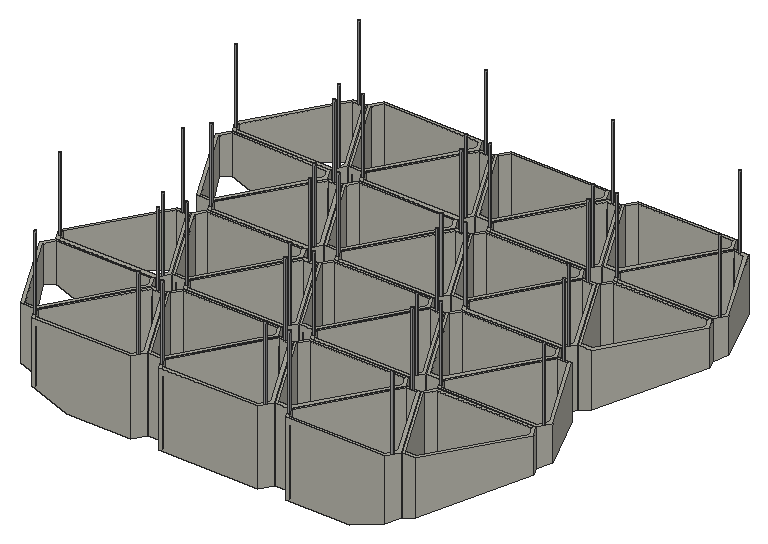
Revit family "Connected Clouds 004", category Generic Models, Revit 2021
Family settings
  Can host rebar = No
  Round Connector Dimension = Use Diameter
  Part Type = Normal
  Work Plane-Based = No
  Always vertical = Yes
  Cut with Voids When Loaded = No
  Shared = No
  Room Calculation Point = No
Parameters
  URL = "https://www.csiposhfelt.com/products/connect-clouds-004"
  Model = "Connect Clouds 004"
  Manufacturer = "CSI PoshFelt"
  Default Elevation = 0' - 0"
  Core Material = PSH 178
  Cable Length = 1' - 0"
Reference planes (in)
  plane 1 "Center (Front/Back)": y = 0
  plane 2: z = 0
  plane 3 "Center (Left/Right)": x = 0
Forms (in)
  Extrusion 1, solid, material "PSH 178" <- "Core Material"
    sketch origin (0, 0, 0) x (1, 0, 0) y (0, 1, 0)
      loop
        line (9.16544, 33.75) -> (8.01073, 35.75) -> (-8.01073, 35.75) -> (-9.16544, 33.75) -> (-1.1547, 19.875) -> (1.1547, 19.875) -> (9.16544, 33.75)
      loop
        line (-7.72206, 35.25) -> (-8.58809, 33.75) -> (-0.86603, 20.375) -> (0.86603, 20.375) -> (8.58809, 33.75) -> (7.72206, 35.25) -> (-7.72206, 35.25)
    from 0 to 12
  Extrusion 2, solid, material "PSH 178" <- "Core Material"
    sketch origin (20.64027, 0, 0) x (1, 0, 0) y (0, 1, 0)
      loop
        line (9.16544, 33.75) -> (8.01073, 35.75) -> (-8.01073, 35.75) -> (-9.16544, 33.75) -> (-1.1547, 19.875) -> (1.1547, 19.875) -> (9.16544, 33.75)
      loop
        line (-7.72206, 35.25) -> (-8.58809, 33.75) -> (-0.86603, 20.375) -> (0.86603, 20.375) -> (8.58809, 33.75) -> (7.72206, 35.25) -> (-7.72206, 35.25)
    from 0 to 12
  Extrusion 3, solid, material "PSH 178" <- "Core Material"
    sketch origin (-20.64027, 0, 0) x (1, 0, 0) y (0, 1, 0)
      loop
        line (9.16544, 33.75) -> (8.01073, 35.75) -> (-8.01073, 35.75) -> (-9.16544, 33.75) -> (-1.1547, 19.875) -> (1.1547, 19.875) -> (9.16544, 33.75)
      loop
        line (-7.72206, 35.25) -> (-8.58809, 33.75) -> (-0.86603, 20.375) -> (0.86603, 20.375) -> (8.58809, 33.75) -> (7.72206, 35.25) -> (-7.72206, 35.25)
    from 0 to 12
  Extrusion 4, solid, material "PSH 178" <- "Core Material"
    sketch origin (0, 35.75, 0) x (1, 0, 0) y (0, 1, 0)
      loop
        line (9.16544, -33.75) -> (1.1547, -19.875) -> (-1.1547, -19.875) -> (-9.16544, -33.75) -> (-8.01073, -35.75) -> (8.01073, -35.75) -> (9.16544, -33.75)
      loop
        line (-7.72206, -35.25) -> (7.72206, -35.25) -> (8.58809, -33.75) -> (0.86603, -20.375) -> (-0.86603, -20.375) -> (-8.58809, -33.75) -> (-7.72206, -35.25)
    from 0 to 12
  Extrusion 5, solid, material "PSH 178" <- "Core Material"
    sketch origin (20.64027, 35.75, 0) x (1, 0, 0) y (0, 1, 0)
      loop
        line (9.16544, -33.75) -> (1.1547, -19.875) -> (-1.1547, -19.875) -> (-9.16544, -33.75) -> (-8.01073, -35.75) -> (8.01073, -35.75) -> (9.16544, -33.75)
      loop
        line (-7.72206, -35.25) -> (7.72206, -35.25) -> (8.58809, -33.75) -> (0.86603, -20.375) -> (-0.86603, -20.375) -> (-8.58809, -33.75) -> (-7.72206, -35.25)
    from 0 to 12
  Extrusion 6, solid, material "PSH 178" <- "Core Material"
    sketch origin (-20.64027, 35.75, 0) x (1, 0, 0) y (0, 1, 0)
      loop
        line (9.16544, -33.75) -> (1.1547, -19.875) -> (-1.1547, -19.875) -> (-9.16544, -33.75) -> (-8.01073, -35.75) -> (8.01073, -35.75) -> (9.16544, -33.75)
      loop
        line (-7.72206, -35.25) -> (7.72206, -35.25) -> (8.58809, -33.75) -> (0.86603, -20.375) -> (-0.86603, -20.375) -> (-8.58809, -33.75) -> (-7.72206, -35.25)
    from 0 to 12
  Extrusion 7, solid, material "PSH 178" <- "Core Material"
    sketch origin (0, -35.75, 0) x (1, 0, 0) y (0, 1, 0)
      loop
        line (9.16544, 33.75) -> (8.01073, 35.75) -> (-8.01073, 35.75) -> (-9.16544, 33.75) -> (-1.1547, 19.875) -> (1.1547, 19.875) -> (9.16544, 33.75)
      loop
        line (-7.72206, 35.25) -> (-8.58809, 33.75) -> (-0.86603, 20.375) -> (0.86603, 20.375) -> (8.58809, 33.75) -> (7.72206, 35.25) -> (-7.72206, 35.25)
    from 0 to 12
  Extrusion 8, solid, material "PSH 178" <- "Core Material"
    sketch origin (20.64027, -35.75, 0) x (1, 0, 0) y (0, 1, 0)
      loop
        line (9.16544, 33.75) -> (8.01073, 35.75) -> (-8.01073, 35.75) -> (-9.16544, 33.75) -> (-1.1547, 19.875) -> (1.1547, 19.875) -> (9.16544, 33.75)
      loop
        line (-7.72206, 35.25) -> (-8.58809, 33.75) -> (-0.86603, 20.375) -> (0.86603, 20.375) -> (8.58809, 33.75) -> (7.72206, 35.25) -> (-7.72206, 35.25)
    from 0 to 12
  Extrusion 9, solid, material "PSH 178" <- "Core Material"
    sketch origin (-20.64027, -35.75, 0) x (1, 0, 0) y (0, 1, 0)
      loop
        line (9.16544, 33.75) -> (8.01073, 35.75) -> (-8.01073, 35.75) -> (-9.16544, 33.75) -> (-1.1547, 19.875) -> (1.1547, 19.875) -> (9.16544, 33.75)
      loop
        line (-7.72206, 35.25) -> (-8.58809, 33.75) -> (-0.86603, 20.375) -> (0.86603, 20.375) -> (8.58809, 33.75) -> (7.72206, 35.25) -> (-7.72206, 35.25)
    from 0 to 12
  Extrusion 10, solid, material "PSH 178" <- "Core Material"
    sketch origin (0, 0, 0) x (1, 0, 0) y (0, 1, 0)
      loop
        line (9.16544, -33.75) -> (1.1547, -19.875) -> (-1.1547, -19.875) -> (-9.16544, -33.75) -> (-8.01073, -35.75) -> (8.01073, -35.75) -> (9.16544, -33.75)
      loop
        line (-7.72206, -35.25) -> (7.72206, -35.25) -> (8.58809, -33.75) -> (0.86603, -20.375) -> (-0.86603, -20.375) -> (-8.58809, -33.75) -> (-7.72206, -35.25)
    from 0 to 12
  Extrusion 11, solid, material "PSH 178" <- "Core Material"
    sketch origin (20.64027, 0, 0) x (1, 0, 0) y (0, 1, 0)
      loop
        line (9.16544, -33.75) -> (1.1547, -19.875) -> (-1.1547, -19.875) -> (-9.16544, -33.75) -> (-8.01073, -35.75) -> (8.01073, -35.75) -> (9.16544, -33.75)
      loop
        line (-7.72206, -35.25) -> (7.72206, -35.25) -> (8.58809, -33.75) -> (0.86603, -20.375) -> (-0.86603, -20.375) -> (-8.58809, -33.75) -> (-7.72206, -35.25)
    from 0 to 12
  Extrusion 12, solid, material "PSH 178" <- "Core Material"
    sketch origin (-20.64027, 0, 0) x (1, 0, 0) y (0, 1, 0)
      loop
        line (9.16544, -33.75) -> (1.1547, -19.875) -> (-1.1547, -19.875) -> (-9.16544, -33.75) -> (-8.01073, -35.75) -> (8.01073, -35.75) -> (9.16544, -33.75)
      loop
        line (-7.72206, -35.25) -> (7.72206, -35.25) -> (8.58809, -33.75) -> (0.86603, -20.375) -> (-0.86603, -20.375) -> (-8.58809, -33.75) -> (-7.72206, -35.25)
    from 0 to 12
  Extrusion 13, solid, material "PSH 178" <- "Core Material"
    sketch origin (30.96041, 53.625, 0) x (1, 0, 0) y (0, 1, 0)
      loop
        line (9.16544, -33.75) -> (1.1547, -19.875) -> (-1.1547, -19.875) -> (-9.16544, -33.75) -> (-8.01073, -35.75) -> (8.01073, -35.75) -> (9.16544, -33.75)
      loop
        line (-7.72206, -35.25) -> (7.72206, -35.25) -> (8.58809, -33.75) -> (0.86603, -20.375) -> (-0.86603, -20.375) -> (-8.58809, -33.75) -> (-7.72206, -35.25)
    from 0 to 12
  Extrusion 14, solid, material "PSH 178" <- "Core Material"
    sketch origin (30.96041, 17.875, 0) x (1, 0, 0) y (0, 1, 0)
      loop
        line (9.16544, -33.75) -> (1.1547, -19.875) -> (-1.1547, -19.875) -> (-9.16544, -33.75) -> (-8.01073, -35.75) -> (8.01073, -35.75) -> (9.16544, -33.75)
      loop
        line (-7.72206, -35.25) -> (7.72206, -35.25) -> (8.58809, -33.75) -> (0.86603, -20.375) -> (-0.86603, -20.375) -> (-8.58809, -33.75) -> (-7.72206, -35.25)
    from 0 to 12
  Extrusion 15, solid, material "PSH 178" <- "Core Material"
    sketch origin (-30.96041, 53.625, 0) x (1, 0, 0) y (0, 1, 0)
      loop
        line (9.16544, -33.75) -> (1.1547, -19.875) -> (-1.1547, -19.875) -> (-9.16544, -33.75) -> (-8.01073, -35.75) -> (8.01073, -35.75) -> (9.16544, -33.75)
      loop
        line (-7.72206, -35.25) -> (7.72206, -35.25) -> (8.58809, -33.75) -> (0.86603, -20.375) -> (-0.86603, -20.375) -> (-8.58809, -33.75) -> (-7.72206, -35.25)
    from 0 to 12
  Extrusion 16, solid, material "PSH 178" <- "Core Material"
    sketch origin (-30.96041, 17.875, 0) x (1, 0, 0) y (0, 1, 0)
      loop
        line (9.16544, -33.75) -> (1.1547, -19.875) -> (-1.1547, -19.875) -> (-9.16544, -33.75) -> (-8.01073, -35.75) -> (8.01073, -35.75) -> (9.16544, -33.75)
      loop
        line (-7.72206, -35.25) -> (7.72206, -35.25) -> (8.58809, -33.75) -> (0.86603, -20.375) -> (-0.86603, -20.375) -> (-8.58809, -33.75) -> (-7.72206, -35.25)
    from 0 to 12
  Extrusion 17, solid, material "PSH 178" <- "Core Material"
    sketch origin (-10.32014, 53.625, 0) x (1, 0, 0) y (0, 1, 0)
      loop
        line (9.16544, -33.75) -> (1.1547, -19.875) -> (-1.1547, -19.875) -> (-9.16544, -33.75) -> (-8.01073, -35.75) -> (8.01073, -35.75) -> (9.16544, -33.75)
      loop
        line (-7.72206, -35.25) -> (7.72206, -35.25) -> (8.58809, -33.75) -> (0.86603, -20.375) -> (-0.86603, -20.375) -> (-8.58809, -33.75) -> (-7.72206, -35.25)
    from 0 to 12
  Extrusion 18, solid, material "PSH 178" <- "Core Material"
    sketch origin (10.32014, 53.625, 0) x (1, 0, 0) y (0, 1, 0)
      loop
        line (9.16544, -33.75) -> (1.1547, -19.875) -> (-1.1547, -19.875) -> (-9.16544, -33.75) -> (-8.01073, -35.75) -> (8.01073, -35.75) -> (9.16544, -33.75)
      loop
        line (-7.72206, -35.25) -> (7.72206, -35.25) -> (8.58809, -33.75) -> (0.86603, -20.375) -> (-0.86603, -20.375) -> (-8.58809, -33.75) -> (-7.72206, -35.25)
    from 0 to 12
  Extrusion 19, solid, material "PSH 178" <- "Core Material"
    sketch origin (10.32014, 17.875, 0) x (1, 0, 0) y (0, 1, 0)
      loop
        line (9.16544, -33.75) -> (1.1547, -19.875) -> (-1.1547, -19.875) -> (-9.16544, -33.75) -> (-8.01073, -35.75) -> (8.01073, -35.75) -> (9.16544, -33.75)
      loop
        line (-7.72206, -35.25) -> (7.72206, -35.25) -> (8.58809, -33.75) -> (0.86603, -20.375) -> (-0.86603, -20.375) -> (-8.58809, -33.75) -> (-7.72206, -35.25)
    from 0 to 12
  Extrusion 20, solid, material "PSH 178" <- "Core Material"
    sketch origin (-10.32014, 17.875, 0) x (1, 0, 0) y (0, 1, 0)
      loop
        line (9.16544, -33.75) -> (1.1547, -19.875) -> (-1.1547, -19.875) -> (-9.16544, -33.75) -> (-8.01073, -35.75) -> (8.01073, -35.75) -> (9.16544, -33.75)
      loop
        line (-7.72206, -35.25) -> (7.72206, -35.25) -> (8.58809, -33.75) -> (0.86603, -20.375) -> (-0.86603, -20.375) -> (-8.58809, -33.75) -> (-7.72206, -35.25)
    from 0 to 12
  Extrusion 21, solid, material "PSH 178" <- "Core Material"
    sketch origin (10.32014, -17.875, 0) x (1, 0, 0) y (0, 1, 0)
      loop
        line (9.16544, 33.75) -> (8.01073, 35.75) -> (-8.01073, 35.75) -> (-9.16544, 33.75) -> (-1.1547, 19.875) -> (1.1547, 19.875) -> (9.16544, 33.75)
      loop
        line (-7.72206, 35.25) -> (-8.58809, 33.75) -> (-0.86603, 20.375) -> (0.86603, 20.375) -> (8.58809, 33.75) -> (7.72206, 35.25) -> (-7.72206, 35.25)
    from 0 to 12
  Extrusion 22, solid, material "PSH 178" <- "Core Material"
    sketch origin (-10.32014, -17.875, 0) x (1, 0, 0) y (0, 1, 0)
      loop
        line (9.16544, 33.75) -> (8.01073, 35.75) -> (-8.01073, 35.75) -> (-9.16544, 33.75) -> (-1.1547, 19.875) -> (1.1547, 19.875) -> (9.16544, 33.75)
      loop
        line (-7.72206, 35.25) -> (-8.58809, 33.75) -> (-0.86603, 20.375) -> (0.86603, 20.375) -> (8.58809, 33.75) -> (7.72206, 35.25) -> (-7.72206, 35.25)
    from 0 to 12
  Extrusion 23, solid, material "PSH 178" <- "Core Material"
    sketch origin (-10.32014, -53.625, 0) x (1, 0, 0) y (0, 1, 0)
      loop
        line (9.16544, 33.75) -> (8.01073, 35.75) -> (-8.01073, 35.75) -> (-9.16544, 33.75) -> (-1.1547, 19.875) -> (1.1547, 19.875) -> (9.16544, 33.75)
      loop
        line (-7.72206, 35.25) -> (-8.58809, 33.75) -> (-0.86603, 20.375) -> (0.86603, 20.375) -> (8.58809, 33.75) -> (7.72206, 35.25) -> (-7.72206, 35.25)
    from 0 to 12
  Extrusion 24, solid, material "PSH 178" <- "Core Material"
    sketch origin (10.32014, -53.625, 0) x (1, 0, 0) y (0, 1, 0)
      loop
        line (9.16544, 33.75) -> (8.01073, 35.75) -> (-8.01073, 35.75) -> (-9.16544, 33.75) -> (-1.1547, 19.875) -> (1.1547, 19.875) -> (9.16544, 33.75)
      loop
        line (-7.72206, 35.25) -> (-8.58809, 33.75) -> (-0.86603, 20.375) -> (0.86603, 20.375) -> (8.58809, 33.75) -> (7.72206, 35.25) -> (-7.72206, 35.25)
    from 0 to 12
  Extrusion 25, solid, material "PSH 178" <- "Core Material"
    sketch origin (30.96041, -17.875, 0) x (1, 0, 0) y (0, 1, 0)
      loop
        line (9.16544, 33.75) -> (8.01073, 35.75) -> (-8.01073, 35.75) -> (-9.16544, 33.75) -> (-1.1547, 19.875) -> (1.1547, 19.875) -> (9.16544, 33.75)
      loop
        line (-7.72206, 35.25) -> (-8.58809, 33.75) -> (-0.86603, 20.375) -> (0.86603, 20.375) -> (8.58809, 33.75) -> (7.72206, 35.25) -> (-7.72206, 35.25)
    from 0 to 12
  Extrusion 26, solid, material "PSH 178" <- "Core Material"
    sketch origin (30.96041, -53.625, 0) x (1, 0, 0) y (0, 1, 0)
      loop
        line (9.16544, 33.75) -> (8.01073, 35.75) -> (-8.01073, 35.75) -> (-9.16544, 33.75) -> (-1.1547, 19.875) -> (1.1547, 19.875) -> (9.16544, 33.75)
      loop
        line (-7.72206, 35.25) -> (-8.58809, 33.75) -> (-0.86603, 20.375) -> (0.86603, 20.375) -> (8.58809, 33.75) -> (7.72206, 35.25) -> (-7.72206, 35.25)
    from 0 to 12
  Extrusion 27, solid, material "PSH 178" <- "Core Material"
    sketch origin (-30.96041, -17.875, 0) x (1, 0, 0) y (0, 1, 0)
      loop
        line (9.16544, 33.75) -> (8.01073, 35.75) -> (-8.01073, 35.75) -> (-9.16544, 33.75) -> (-1.1547, 19.875) -> (1.1547, 19.875) -> (9.16544, 33.75)
      loop
        line (-7.72206, 35.25) -> (-8.58809, 33.75) -> (-0.86603, 20.375) -> (0.86603, 20.375) -> (8.58809, 33.75) -> (7.72206, 35.25) -> (-7.72206, 35.25)
    from 0 to 12
  Extrusion 28, solid, material "PSH 178" <- "Core Material"
    sketch origin (-30.96041, -53.625, 0) x (1, 0, 0) y (0, 1, 0)
      loop
        line (9.16544, 33.75) -> (8.01073, 35.75) -> (-8.01073, 35.75) -> (-9.16544, 33.75) -> (-1.1547, 19.875) -> (1.1547, 19.875) -> (9.16544, 33.75)
      loop
        line (-7.72206, 35.25) -> (-8.58809, 33.75) -> (-0.86603, 20.375) -> (0.86603, 20.375) -> (8.58809, 33.75) -> (7.72206, 35.25) -> (-7.72206, 35.25)
    from 0 to 12
  SweptBlend 29, void
    path in 3D
      loop
        line (-22.94967, -17.875, 0) -> (-43.33378, -17.875, 7.41921)
    profile origin (-22.94967, -17.875, 0) x (-0.34202, 0, -0.939693) y (0, -1, 0)
      loop
        line (0, -17.875) -> (4, -17.875) -> (4, 18) -> (0, 18) -> (0, -17.875)
    end profile origin (-43.33378, -17.875, 7.41921) x (-0.34202, 0, -0.939693) y (0, -1, 0)
      loop
        line (0, 18.5) -> (0, -17.875) -> (6.75, -17.875) -> (6.75, 18.5) -> (0, 18.5)
  SweptBlend 30, void
    path in 3D
      loop
        line (-22.94967, 17.875, 0) -> (-43.33378, 17.875, 7.41921)
    profile origin (-22.94967, 17.875, 0) x (-0.34202, 0, -0.939693) y (0, -1, 0)
      loop
        line (0, -17.875) -> (4, -17.875) -> (4, 18) -> (0, 18) -> (0, -17.875)
    end profile origin (-43.33378, 17.875, 7.41921) x (-0.34202, 0, -0.939693) y (0, -1, 0)
      loop
        line (0, 18.5) -> (0, -17.875) -> (6.75, -17.875) -> (6.75, 18.5) -> (0, 18.5)
  SweptBlend 31, void
    path in 3D
      loop
        line (22.94967, -17.875, 0) -> (43.33378, -17.875, 7.41921)
    profile origin (22.94967, -17.875, 0) x (-0.34202, 0, 0.939693) y (0, -1, 0)
      loop
        line (0, -17.875) -> (0, 18) -> (-4, 18) -> (-4, -17.875) -> (0, -17.875)
    end profile origin (43.33378, -17.875, 7.41921) x (-0.34202, 0, 0.939693) y (0, -1, 0)
      loop
        line (0, 18.5) -> (-6.75, 18.5) -> (-6.75, -17.875) -> (0, -17.875) -> (0, 18.5)
  SweptBlend 32, void
    path in 3D
      loop
        line (22.94967, 17.875, 0) -> (43.33378, 17.875, 7.41921)
    profile origin (22.94967, 17.875, 0) x (-0.34202, 0, 0.939693) y (0, -1, 0)
      loop
        line (0, -17.875) -> (0, 18) -> (-4, 18) -> (-4, -17.875) -> (0, -17.875)
    end profile origin (43.33378, 17.875, 7.41921) x (-0.34202, 0, 0.939693) y (0, -1, 0)
      loop
        line (0, 18.5) -> (-6.75, 18.5) -> (-6.75, -17.875) -> (0, -17.875) -> (0, 18.5)
  Extrusion 33, solid, material "Cable"
    sketch origin (20.64027, -35.75, 12) x (1, 0, 0) y (0, 1, 0)
      loop
        circle (18.69171, 54.75) r 0.14985
      loop
        circle (1.94856, 54.75) r 0.14985
      loop
        circle (10.32014, 69.25) r 0.14985
      loop
        circle (-1.94856, 54.75) r 0.14985
      loop
        circle (-18.69171, 54.75) r 0.14985
      loop
        circle (-10.32014, 69.25) r 0.14985
      loop
        circle (-22.58883, 54.75) r 0.14985
      loop
        circle (-39.33199, 54.75) r 0.14985
      loop
        circle (-30.96041, 69.25) r 0.14985
      loop
        circle (-43.2291, 54.75) r 0.14985
      loop
        circle (-59.97226, 54.75) r 0.14985
      loop
        circle (-51.60068, 69.25) r 0.14985
      loop
        circle (-43.2291, 19) r 0.14985
      loop
        circle (-59.97226, 19) r 0.14985
      loop
        circle (-51.60068, 33.5) r 0.14985
      loop
        circle (-22.58883, 19) r 0.14985
      loop
        circle (-39.33199, 19) r 0.14985
      loop
        circle (-30.96041, 33.5) r 0.14985
      loop
        circle (-1.94856, 19) r 0.14985
      loop
        circle (-18.69171, 19) r 0.14985
      loop
        circle (-10.32014, 33.5) r 0.14985
      loop
        circle (18.69171, 19) r 0.14985
      loop
        circle (1.94856, 19) r 0.14985
      loop
        circle (10.32014, 33.5) r 0.14985
      loop
        circle (8.37158, 1.125) r 0.14985
      loop
        circle (-8.37158, 1.125) r 0.14985
      loop
        circle (0, 15.625) r 0.14985
      loop
        circle (-12.26869, 1.125) r 0.14985
      loop
        circle (-29.01185, 1.125) r 0.14985
      loop
        circle (-20.64027, 15.625) r 0.14985
      loop
        circle (-32.90897, 1.125) r 0.14985
      loop
        circle (-49.65212, 1.125) r 0.14985
      loop
        circle (-41.28054, 15.625) r 0.14985
      loop
        circle (8.37158, 36.875) r 0.14985
      loop
        circle (-8.37158, 36.875) r 0.14985
      loop
        circle (0, 51.375) r 0.14985
      loop
        circle (-12.26869, 36.875) r 0.14985
      loop
        circle (-29.01185, 36.875) r 0.14985
      loop
        circle (-20.64027, 51.375) r 0.14985
      loop
        circle (-32.90897, 36.875) r 0.14985
      loop
        circle (-49.65212, 36.875) r 0.14985
      loop
        circle (-41.28054, 51.375) r 0.14985
    from 0 to 12
Cuts and joins
  SweptBlend 29, SweptBlend 30, SweptBlend 31, SweptBlend 32 cuts Extrusion 9
  SweptBlend 29, SweptBlend 30, SweptBlend 31 cuts Extrusion 12
  SweptBlend 29, SweptBlend 30, SweptBlend 31 cuts Extrusion 16
  SweptBlend 29, SweptBlend 30, SweptBlend 31 cuts Extrusion 28
  SweptBlend 30, SweptBlend 32 cuts Extrusion 6
  SweptBlend 30, SweptBlend 32 cuts Extrusion 27
  SweptBlend 30, SweptBlend 32 cuts Extrusion 15
  SweptBlend 30, SweptBlend 32 cuts Extrusion 3
  SweptBlend 31 cuts Extrusion 26
  SweptBlend 31 cuts Extrusion 11
  SweptBlend 31 cuts Extrusion 14
  SweptBlend 31 cuts Extrusion 8
  SweptBlend 32 cuts Extrusion 25
  SweptBlend 32 cuts Extrusion 5
  SweptBlend 32 cuts Extrusion 13
  SweptBlend 32 cuts Extrusion 2
Lines and regions (in)
  reference lines
    curve 1: line (0, -35.75, 0) -> (40, -35.75, 0)
    curve 2: line (0, -35.75, 0) -> (-40, -35.75, 0)
    curve 3: line (-40, -35.75, 0) -> (-40, 35.75, 0)
    curve 4: line (-40, 35.75, 0) -> (40, 35.75, 0)
    curve 5: line (40, 35.75, 0) -> (40, -35.75, 0)
    curve 6: line (40, 17.875, 0) -> (-40, 17.875, 0)
    curve 7: line (40, -17.875, 0) -> (-40, -17.875, 0)
    curve 8: line (10.32014, 0, 0) -> (20.64027, 17.875, 0)
    curve 9: line (20.64027, 17.875, 0) -> (10.32014, 35.75, 0)
    curve 10: line (10.32014, 35.75, 0) -> (-10.32014, 35.75, 0)
    curve 11: line (-10.32014, 35.75, 0) -> (-20.64027, 17.875, 0)
    curve 12: line (-20.64027, 17.875, 0) -> (-10.32014, 0, 0)
    curve 13: line (-10.32014, 0, 0) -> (10.32014, 0, 0)
    curve 14: line (10.32014, 35.75, 0) -> (-10.32014, 0, 0)
    curve 15: line (-10.32014, 35.75, 0) -> (10.32014, 0, 0)
    curve 16: line (1.1547, 15.875, 0) -> (2.3094, 17.875, 0)
    curve 17: line (2.3094, 17.875, 0) -> (1.1547, 19.875, 0)
    curve 18: line (1.1547, 19.875, 0) -> (-1.1547, 19.875, 0)
    curve 19: line (-1.1547, 19.875, 0) -> (-2.3094, 17.875, 0)
    curve 20: line (-2.3094, 17.875, 0) -> (-1.1547, 15.875, 0)
    curve 21: line (-1.1547, 15.875, 0) -> (1.1547, 15.875, 0)
    curve 22: line (11.47484, 33.75, 0) -> (12.62954, 35.75, 0)
    curve 23: line (12.62954, 35.75, 0) -> (11.47484, 37.75, 0)
    curve 24: line (11.47484, 37.75, 0) -> (9.16544, 37.75, 0)
    curve 25: line (9.16544, 37.75, 0) -> (8.01073, 35.75, 0)
    curve 26: line (8.01073, 35.75, 0) -> (9.16544, 33.75, 0)
    curve 27: line (9.16544, 33.75, 0) -> (11.47484, 33.75, 0)
    curve 28: line (-9.16544, 33.75, 0) -> (-8.01073, 35.75, 0)
    curve 29: line (-8.01073, 35.75, 0) -> (-9.16544, 37.75, 0)
    curve 30: line (-9.16544, 37.75, 0) -> (-11.47484, 37.75, 0)
    curve 31: line (-11.47484, 37.75, 0) -> (-12.62954, 35.75, 0)
    curve 32: line (-12.62954, 35.75, 0) -> (-11.47484, 33.75, 0)
    curve 33: line (-11.47484, 33.75, 0) -> (-9.16544, 33.75, 0)
    curve 34: line (21.79497, 15.875, 0) -> (22.94967, 17.875, 0)
    curve 35: line (22.94967, 17.875, 0) -> (21.79497, 19.875, 0)
    curve 36: line (21.79497, 19.875, 0) -> (19.48557, 19.875, 0)
    curve 37: line (19.48557, 19.875, 0) -> (18.33087, 17.875, 0)
    curve 38: line (18.33087, 17.875, 0) -> (19.48557, 15.875, 0)
    curve 39: line (19.48557, 15.875, 0) -> (21.79497, 15.875, 0)
    curve 40: line (-19.48557, 15.875, 0) -> (-18.33087, 17.875, 0)
    curve 41: line (-18.33087, 17.875, 0) -> (-19.48557, 19.875, 0)
    curve 42: line (-19.48557, 19.875, 0) -> (-21.79497, 19.875, 0)
    curve 43: line (-21.79497, 19.875, 0) -> (-22.94967, 17.875, 0)
    curve 44: line (-22.94967, 17.875, 0) -> (-21.79497, 15.875, 0)
    curve 45: line (-21.79497, 15.875, 0) -> (-19.48557, 15.875, 0)
    curve 46: line (-9.16544, -2, 0) -> (-8.01073, 0, 0)
    curve 47: line (-8.01073, 0, 0) -> (-9.16544, 2, 0)
    curve 48: line (-9.16544, 2, 0) -> (-11.47484, 2, 0)
    curve 49: line (-11.47484, 2, 0) -> (-12.62954, 0, 0)
    curve 50: line (-12.62954, 0, 0) -> (-11.47484, -2, 0)
    curve 51: line (-11.47484, -2, 0) -> (-9.16544, -2, 0)
    curve 52: line (11.47484, -2, 0) -> (12.62954, 0, 0)
    curve 53: line (12.62954, 0, 0) -> (11.47484, 2, 0)
    curve 54: line (11.47484, 2, 0) -> (9.16544, 2, 0)
    curve 55: line (9.16544, 2, 0) -> (8.01073, 0, 0)
    curve 56: line (8.01073, 0, 0) -> (9.16544, -2, 0)
    curve 57: line (9.16544, -2, 0) -> (11.47484, -2, 0)
    curve 58: line (1.1547, -19.875, 0) -> (2.3094, -17.875, 0)
    curve 59: line (2.3094, -17.875, 0) -> (1.1547, -15.875, 0)
    curve 60: line (1.1547, -15.875, 0) -> (-1.1547, -15.875, 0)
    curve 61: line (-1.1547, -15.875, 0) -> (-2.3094, -17.875, 0)
    curve 62: line (-2.3094, -17.875, 0) -> (-1.1547, -19.875, 0)
    curve 63: line (-1.1547, -19.875, 0) -> (1.1547, -19.875, 0)
    curve 64: line (21.79497, -19.875, 0) -> (22.94967, -17.875, 0)
    curve 65: line (22.94967, -17.875, 0) -> (21.79497, -15.875, 0)
    curve 66: line (21.79497, -15.875, 0) -> (19.48557, -15.875, 0)
    curve 67: line (19.48557, -15.875, 0) -> (18.33087, -17.875, 0)
    curve 68: line (18.33087, -17.875, 0) -> (19.48557, -19.875, 0)
    curve 69: line (19.48557, -19.875, 0) -> (21.79497, -19.875, 0)
    curve 70: line (-19.48557, -19.875, 0) -> (-18.33087, -17.875, 0)
    curve 71: line (-18.33087, -17.875, 0) -> (-19.48557, -15.875, 0)
    curve 72: line (-19.48557, -15.875, 0) -> (-21.79497, -15.875, 0)
    curve 73: line (-21.79497, -15.875, 0) -> (-22.94967, -17.875, 0)
    curve 74: line (-22.94967, -17.875, 0) -> (-21.79497, -19.875, 0)
    curve 75: line (-21.79497, -19.875, 0) -> (-19.48557, -19.875, 0)
    curve 81: line (-60.12584, 0, 24) -> (62.87416, 0, 24)
    curve 82: line (-60.12584, 0, 12) -> (62.87416, 0, 12)
  model lines
    curve 76: line (-22.94967, -17.875, 0) -> (-38.97114, -17.875, 5.83134)
  sketch lines
    curve 77: line (-22.94967, -17.875, 0) -> (-43.33378, -17.875, 7.41921)
    curve 78: line (-22.94967, 17.875, 0) -> (-43.33378, 17.875, 7.41921)
    curve 79: line (22.94967, -17.875, 0) -> (43.33378, -17.875, 7.41921)
    curve 80: line (22.94967, 17.875, 0) -> (43.33378, 17.875, 7.41921)
Dimensions and locks (in)
  curve 2 to curve 4 = 5' - 11 1/2"
  curve 3 to curve 5 = 6' - 8"
  "Cable Length": curve 81 to curve 82
  aligned and locked: plane 2 to level
  aligned and locked: Extrusion 33 to curve 81
  aligned and locked: curve 82 to Extrusion 33
Automatic sketch dimensions
  plane 1 "Center (Front/Back)" to curve 50 = 0' - 0"
  plane 1 "Center (Front/Back)" to curve 12 = 0' - 0"
  plane 1 "Center (Front/Back)" to curve 47 = 0' - 0"
  curve 2 to plane 3 "Center (Left/Right)" = 0' - 0"
  plane 1 "Center (Front/Back)" to curve 55 = 0' - 0"
  plane 1 "Center (Front/Back)" to curve 53 = 0' - 0"
  curve 62 to plane 3 "Center (Left/Right)" = 0' - 1.1547"
  curve 60 to plane 3 "Center (Left/Right)" = 0' - 1.1547"
  curve 18 to plane 3 "Center (Left/Right)" = 0' - 1.1547"
  curve 20 to plane 3 "Center (Left/Right)" = 0' - 1.1547"
  curve 19 to plane 3 "Center (Left/Right)" = 0' - 2.3094"
  curve 62 to plane 3 "Center (Left/Right)" = 0' - 2.3094"
  curve 29 to plane 3 "Center (Left/Right)" = 0' - 8.01073"
  curve 46 to plane 3 "Center (Left/Right)" = 0' - 8.01073"
  curve 33 to curve 28 = 0' - 1.1547"
  curve 29 to curve 28 = 0' - 1.1547"
  curve 47 to plane 1 "Center (Front/Back)" = 0' - 2"
  curve 47 to curve 46 = 0' - 1.1547"
  plane 1 "Center (Front/Back)" to curve 46 = 0' - 2"
  curve 46 to curve 46 = 0' - 1.1547"
  curve 13 to curve 47 = 0' - 1.1547"
  curve 15 to curve 28 = 0' - 2.3094"
  curve 50 to curve 46 = 0' - 2.3094"
  curve 32 to curve 28 = 0' - 2.3094"
  curve 49 to curve 12 = 0' - 1.1547"
  curve 30 to curve 29 = 0' - 2.3094"
  curve 32 to curve 10 = 0' - 2.3094"
  curve 49 to curve 48 = 0' - 1.1547"
  curve 71 to curve 61 = 1' - 4.02147"
  curve 40 to curve 19 = 1' - 4.02147"
  curve 40 to curve 40 = 0' - 1.1547"
  curve 70 to curve 70 = 0' - 1.1547"
  curve 41 to curve 40 = 0' - 1.1547"
  curve 72 to curve 70 = 0' - 1.1547"
  curve 12 to curve 41 = 0' - 1.1547"
  curve 42 to curve 11 = 0' - 1.1547"
  curve 74 to curve 70 = 0' - 2.3094"
  curve 73 to curve 71 = 0' - 2.3094"
  curve 45 to curve 40 = 0' - 2.3094"
  curve 43 to curve 11 = 0' - 2.3094"
  curve 74 to curve 72 = 0' - 1.1547"
  curve 3 to curve 42 = 1' - 6.20503"
  plane 3 "Center (Left/Right)" to curve 17 = 0' - 1.1547"
  plane 3 "Center (Left/Right)" to curve 63 = 0' - 1.1547"
  plane 3 "Center (Left/Right)" to curve 21 = 0' - 1.1547"
  plane 3 "Center (Left/Right)" to curve 59 = 0' - 1.1547"
  curve 17 to curve 16 = 0' - 1.1547"
  curve 59 to curve 59 = 0' - 1.1547"
  plane 3 "Center (Left/Right)" to curve 55 = 0' - 8.01073"
  plane 3 "Center (Left/Right)" to curve 25 = 0' - 8.01073"
  curve 25 to curve 24 = 0' - 1.1547"
  plane 1 "Center (Front/Back)" to curve 56 = 0' - 2"
  curve 55 to curve 56 = 0' - 1.1547"
  curve 25 to curve 27 = 0' - 1.1547"
  curve 55 to plane 1 "Center (Front/Back)" = 0' - 2"
  curve 55 to curve 55 = 0' - 1.1547"
  curve 26 to curve 14 = 0' - 1.1547"
  curve 54 to curve 15 = 0' - 1.1547"
  curve 8 to curve 53 = 0' - 1.1547"
  curve 56 to curve 52 = 0' - 2.3094"
  curve 9 to curve 22 = 0' - 1.1547"
  curve 24 to curve 24 = 0' - 2.3094"
  curve 53 to curve 53 = 0' - 1.1547"
  curve 22 to curve 22 = 0' - 1.1547"
  curve 58 to curve 67 = 1' - 4.02147"
  curve 16 to curve 38 = 1' - 4.02147"
  curve 37 to curve 37 = 0' - 1.1547"
  curve 67 to curve 69 = 0' - 1.1547"
  curve 37 to curve 39 = 0' - 1.1547"
  curve 67 to curve 67 = 0' - 1.1547"
  curve 37 to curve 8 = 0' - 2.3094"
  curve 68 to curve 64 = 0' - 2.3094"
  curve 38 to curve 34 = 0' - 2.3094"
  curve 66 to curve 66 = 0' - 2.3094"
  curve 36 to curve 36 = 0' - 2.3094"
  curve 8 to curve 34 = 0' - 2.3094"
  curve 65 to curve 64 = 0' - 1.1547"
  plane 1 "Center (Front/Back)" to curve 71 = 1' - 3 7/8"
  plane 1 "Center (Front/Back)" to curve 59 = 1' - 3 7/8"
  plane 1 "Center (Front/Back)" to curve 67 = 1' - 3 7/8"
  curve 71 to curve 71 = 0' - 2"
  curve 62 to curve 60 = 0' - 2"
  curve 64 to curve 65 = 0' - 2"
  curve 67 to curve 66 = 0' - 2"
  curve 59 to curve 59 = 0' - 2"
  curve 73 to curve 72 = 0' - 2"
  curve 75 to curve 70 = 0' - 2"
  curve 58 to curve 58 = 0' - 2"
  curve 64 to curve 64 = 0' - 2"
  curve 5 to curve 64 = 1' - 3 7/8"
  curve 38 to plane 1 "Center (Front/Back)" = 1' - 3 7/8"
  curve 40 to plane 1 "Center (Front/Back)" = 1' - 3 7/8"
  curve 16 to plane 1 "Center (Front/Back)" = 1' - 3 7/8"
  curve 44 to curve 44 = 0' - 2"
  curve 34 to curve 9 = 0' - 2"
  curve 43 to curve 11 = 0' - 0"
  curve 16 to curve 16 = 0' - 2"
  curve 40 to curve 41 = 0' - 2"
  curve 38 to curve 8 = 0' - 0"
  curve 20 to curve 19 = 0' - 2"
  curve 8 to curve 35 = 0' - 0"
  curve 34 to curve 36 = 0' - 2"
  curve 19 to curve 19 = 0' - 2"
  curve 11 to curve 41 = 0' - 2"
  curve 36 to curve 22 = 1' - 1 7/8"
  curve 18 to curve 33 = 1' - 1 7/8"
  curve 28 to curve 11 = 0' - 2"
  curve 10 to curve 29 = 0' - 0"
  curve 31 to curve 10 = 0' - 0"
  curve 26 to curve 26 = 0' - 2"
  curve 22 to curve 22 = 0' - 2"
  curve 22 to curve 24 = 0' - 2"
  curve 28 to curve 29 = 0' - 2"
  curve 7 to curve 73 = 0' - 0"
  curve 34 to curve 6 = 0' - 0"
  Extrusion 1 sketch curve to plane 3 "Center (Left/Right)" = 0' - 9.16544"
  Extrusion 1 sketch curve to Extrusion 1 sketch curve = 0' - 0.57735"  (x3)
  Extrusion 1 sketch curve to Extrusion 1 sketch curve = 0' - 0.28868"  (x4)
  Extrusion 1 sketch curve to plane 3 "Center (Left/Right)" = 0' - 1.1547"
  plane 3 "Center (Left/Right)" to Extrusion 1 sketch curve = 0' - 0.86603"
  plane 3 "Center (Left/Right)" to Extrusion 1 sketch curve = 0' - 7.72206"
  Extrusion 1 sketch curve to Extrusion 1 sketch curve = 0' - 0.86603"
  Extrusion 1 sketch curve to plane 1 "Center (Front/Back)" = 1' - 7 7/8"
  Extrusion 1 sketch curve to Extrusion 1 sketch curve = 0' - 0 1/2"  (x2)
  Extrusion 1 sketch curve to Extrusion 1 sketch curve = 1' - 1 3/8"  (x2)
  Extrusion 1 sketch curve to Extrusion 1 sketch curve = 0' - 0"  (x2)
  Extrusion 1 sketch curve to Extrusion 1 sketch curve = 0' - 1 1/2"
  plane 3 "Center (Left/Right)" to Extrusion 2 sketch curve = 0' - 11.47484"
  Extrusion 2 sketch curve to Extrusion 2 sketch curve = 0' - 0.57735"  (x3)
  Extrusion 2 sketch curve to Extrusion 2 sketch curve = 0' - 0.28868"  (x4)
  Extrusion 2 sketch curve to Extrusion 2 sketch curve = 0' - 7.43338"
  Extrusion 2 sketch curve to Extrusion 2 sketch curve = 0' - 1.73205"
  Extrusion 2 sketch curve to Extrusion 2 sketch curve = 1' - 3.44412"
  Extrusion 2 sketch curve to Extrusion 2 sketch curve = 0' - 0.86603"
  Extrusion 2 sketch curve to plane 1 "Center (Front/Back)" = 1' - 7 7/8"
  Extrusion 2 sketch curve to Extrusion 2 sketch curve = 0' - 0 1/2"  (x2)
  Extrusion 2 sketch curve to Extrusion 2 sketch curve = 1' - 1 3/8"  (x2)
  Extrusion 2 sketch curve to Extrusion 2 sketch curve = 0' - 0"  (x2)
  Extrusion 2 sketch curve to Extrusion 2 sketch curve = 0' - 1 1/2"
  Extrusion 3 sketch curve to plane 3 "Center (Left/Right)" = 2' - 5.80571"
  Extrusion 3 sketch curve to Extrusion 3 sketch curve = 0' - 0.57735"  (x3)
  Extrusion 3 sketch curve to Extrusion 3 sketch curve = 0' - 0.28868"  (x4)
  Extrusion 3 sketch curve to Extrusion 3 sketch curve = 0' - 7.43338"
  Extrusion 3 sketch curve to Extrusion 3 sketch curve = 0' - 1.73205"
  Extrusion 3 sketch curve to plane 3 "Center (Left/Right)" = 1' - 0.91821"
  Extrusion 3 sketch curve to Extrusion 3 sketch curve = 0' - 0.86603"
  Extrusion 3 sketch curve to plane 1 "Center (Front/Back)" = 1' - 7 7/8"
  Extrusion 3 sketch curve to Extrusion 3 sketch curve = 0' - 0 1/2"  (x2)
  Extrusion 3 sketch curve to Extrusion 3 sketch curve = 1' - 1 3/8"  (x2)
  Extrusion 3 sketch curve to Extrusion 3 sketch curve = 0' - 0"  (x2)
  Extrusion 3 sketch curve to Extrusion 3 sketch curve = 0' - 1 1/2"
  plane 1 "Center (Front/Back)" to Extrusion 4 sketch curve = 0' - 0"
  Extrusion 4 sketch curve to plane 1 "Center (Front/Back)" = 0' - 2"  (x4)
  Extrusion 4 sketch curve to plane 3 "Center (Left/Right)" = 0' - 9.16544"
  Extrusion 4 sketch curve to Extrusion 4 sketch curve = 0' - 0.57735"  (x3)
  Extrusion 4 sketch curve to plane 1 "Center (Front/Back)" = 0' - 0 1/2"
  Extrusion 4 sketch curve to Extrusion 4 sketch curve = 0' - 0.28868"  (x4)
  Extrusion 4 sketch curve to plane 3 "Center (Left/Right)" = 0' - 1.1547"
  plane 3 "Center (Left/Right)" to Extrusion 4 sketch curve = 0' - 0.86603"
  plane 3 "Center (Left/Right)" to Extrusion 4 sketch curve = 0' - 7.72206"
  Extrusion 4 sketch curve to Extrusion 4 sketch curve = 0' - 0.86603"
  Extrusion 4 sketch curve to plane 1 "Center (Front/Back)" = 1' - 3 3/8"
  Extrusion 4 sketch curve to Extrusion 4 sketch curve = 0' - 0 1/2"
  plane 1 "Center (Front/Back)" to Extrusion 5 sketch curve = 0' - 0"
  Extrusion 5 sketch curve to plane 1 "Center (Front/Back)" = 0' - 2"  (x4)
  plane 3 "Center (Left/Right)" to Extrusion 5 sketch curve = 0' - 11.47484"
  Extrusion 5 sketch curve to Extrusion 5 sketch curve = 0' - 0.57735"  (x3)
  Extrusion 5 sketch curve to plane 1 "Center (Front/Back)" = 0' - 0 1/2"
  Extrusion 5 sketch curve to Extrusion 5 sketch curve = 0' - 0.28868"  (x4)
  Extrusion 5 sketch curve to Extrusion 5 sketch curve = 0' - 7.43338"
  Extrusion 5 sketch curve to Extrusion 5 sketch curve = 0' - 1.73205"
  Extrusion 5 sketch curve to Extrusion 5 sketch curve = 1' - 3.44412"
  Extrusion 5 sketch curve to Extrusion 5 sketch curve = 0' - 0.86603"
  Extrusion 5 sketch curve to plane 1 "Center (Front/Back)" = 1' - 3 3/8"
  Extrusion 5 sketch curve to Extrusion 5 sketch curve = 0' - 0 1/2"
  plane 1 "Center (Front/Back)" to Extrusion 6 sketch curve = 0' - 0"
  Extrusion 6 sketch curve to plane 1 "Center (Front/Back)" = 0' - 2"  (x4)
  Extrusion 6 sketch curve to plane 3 "Center (Left/Right)" = 2' - 5.80571"
  Extrusion 6 sketch curve to Extrusion 6 sketch curve = 0' - 0.57735"  (x3)
  Extrusion 6 sketch curve to plane 1 "Center (Front/Back)" = 0' - 0 1/2"
  Extrusion 6 sketch curve to Extrusion 6 sketch curve = 0' - 0.28868"  (x4)
  Extrusion 6 sketch curve to Extrusion 6 sketch curve = 0' - 7.43338"
  Extrusion 6 sketch curve to Extrusion 6 sketch curve = 0' - 1.73205"
  Extrusion 6 sketch curve to plane 3 "Center (Left/Right)" = 1' - 0.91821"
  Extrusion 6 sketch curve to Extrusion 6 sketch curve = 0' - 0.86603"
  Extrusion 6 sketch curve to plane 1 "Center (Front/Back)" = 1' - 3 3/8"
  Extrusion 6 sketch curve to Extrusion 6 sketch curve = 0' - 0 1/2"
  plane 1 "Center (Front/Back)" to Extrusion 7 sketch curve = 0' - 0"
  plane 1 "Center (Front/Back)" to Extrusion 7 sketch curve = 0' - 2"  (x4)
  Extrusion 7 sketch curve to plane 3 "Center (Left/Right)" = 0' - 9.16544"
  Extrusion 7 sketch curve to Extrusion 7 sketch curve = 0' - 0.57735"  (x3)
  plane 1 "Center (Front/Back)" to Extrusion 7 sketch curve = 0' - 0 1/2"
  Extrusion 7 sketch curve to Extrusion 7 sketch curve = 0' - 0.28868"  (x4)
  Extrusion 7 sketch curve to plane 3 "Center (Left/Right)" = 0' - 1.1547"
  plane 3 "Center (Left/Right)" to Extrusion 7 sketch curve = 0' - 0.86603"
  plane 3 "Center (Left/Right)" to Extrusion 7 sketch curve = 0' - 7.72206"
  Extrusion 7 sketch curve to Extrusion 7 sketch curve = 0' - 0.86603"
  plane 1 "Center (Front/Back)" to Extrusion 7 sketch curve = 1' - 3 3/8"
  Extrusion 7 sketch curve to Extrusion 7 sketch curve = 0' - 0 1/2"
  plane 1 "Center (Front/Back)" to Extrusion 8 sketch curve = 0' - 0"
  plane 1 "Center (Front/Back)" to Extrusion 8 sketch curve = 0' - 2"  (x4)
  plane 3 "Center (Left/Right)" to Extrusion 8 sketch curve = 0' - 11.47484"
  Extrusion 8 sketch curve to Extrusion 8 sketch curve = 0' - 0.57735"  (x3)
  plane 1 "Center (Front/Back)" to Extrusion 8 sketch curve = 0' - 0 1/2"
  Extrusion 8 sketch curve to Extrusion 8 sketch curve = 0' - 0.28868"  (x4)
  Extrusion 8 sketch curve to Extrusion 8 sketch curve = 0' - 7.43338"
  Extrusion 8 sketch curve to Extrusion 8 sketch curve = 0' - 1.73205"
  Extrusion 8 sketch curve to Extrusion 8 sketch curve = 1' - 3.44412"
  Extrusion 8 sketch curve to Extrusion 8 sketch curve = 0' - 0.86603"
  plane 1 "Center (Front/Back)" to Extrusion 8 sketch curve = 1' - 3 3/8"
  Extrusion 8 sketch curve to Extrusion 8 sketch curve = 0' - 0 1/2"
  plane 1 "Center (Front/Back)" to Extrusion 9 sketch curve = 0' - 0"
  plane 1 "Center (Front/Back)" to Extrusion 9 sketch curve = 0' - 2"  (x4)
  Extrusion 9 sketch curve to plane 3 "Center (Left/Right)" = 2' - 5.80571"
  Extrusion 9 sketch curve to Extrusion 9 sketch curve = 0' - 0.57735"  (x3)
  plane 1 "Center (Front/Back)" to Extrusion 9 sketch curve = 0' - 0 1/2"
  Extrusion 9 sketch curve to Extrusion 9 sketch curve = 0' - 0.28868"  (x4)
  Extrusion 9 sketch curve to Extrusion 9 sketch curve = 0' - 7.43338"
  Extrusion 9 sketch curve to Extrusion 9 sketch curve = 0' - 1.73205"
  Extrusion 9 sketch curve to plane 3 "Center (Left/Right)" = 1' - 0.91821"
  Extrusion 9 sketch curve to Extrusion 9 sketch curve = 0' - 0.86603"
  plane 1 "Center (Front/Back)" to Extrusion 9 sketch curve = 1' - 3 3/8"
  Extrusion 9 sketch curve to Extrusion 9 sketch curve = 0' - 0 1/2"
  Extrusion 10 sketch curve to plane 3 "Center (Left/Right)" = 0' - 9.16544"
  Extrusion 10 sketch curve to Extrusion 10 sketch curve = 0' - 0.57735"  (x3)
  Extrusion 10 sketch curve to Extrusion 10 sketch curve = 0' - 0.28868"  (x4)
  Extrusion 10 sketch curve to plane 3 "Center (Left/Right)" = 0' - 1.1547"
  plane 3 "Center (Left/Right)" to Extrusion 10 sketch curve = 0' - 0.86603"
  plane 3 "Center (Left/Right)" to Extrusion 10 sketch curve = 0' - 7.72206"
  Extrusion 10 sketch curve to Extrusion 10 sketch curve = 0' - 0.86603"
  plane 1 "Center (Front/Back)" to Extrusion 10 sketch curve = 2' - 11 3/4"
  Extrusion 10 sketch curve to Extrusion 10 sketch curve = 0' - 0 1/2"  (x2)
  Extrusion 10 sketch curve to Extrusion 10 sketch curve = 0' - 1 1/2"  (x2)
  Extrusion 10 sketch curve to Extrusion 10 sketch curve = 0' - 0"  (x2)
  Extrusion 10 sketch curve to Extrusion 10 sketch curve = 1' - 1 3/8"
  plane 3 "Center (Left/Right)" to Extrusion 11 sketch curve = 0' - 11.47484"
  Extrusion 11 sketch curve to Extrusion 11 sketch curve = 0' - 0.57735"  (x3)
  Extrusion 11 sketch curve to Extrusion 11 sketch curve = 0' - 0.28868"  (x4)
  Extrusion 11 sketch curve to Extrusion 11 sketch curve = 0' - 7.43338"
  Extrusion 11 sketch curve to Extrusion 11 sketch curve = 0' - 1.73205"
  Extrusion 11 sketch curve to Extrusion 11 sketch curve = 1' - 3.44412"
  Extrusion 11 sketch curve to Extrusion 11 sketch curve = 0' - 0.86603"
  plane 1 "Center (Front/Back)" to Extrusion 11 sketch curve = 2' - 11 3/4"
  Extrusion 11 sketch curve to Extrusion 11 sketch curve = 0' - 0 1/2"  (x2)
  Extrusion 11 sketch curve to Extrusion 11 sketch curve = 0' - 1 1/2"  (x2)
  Extrusion 11 sketch curve to Extrusion 11 sketch curve = 0' - 0"  (x2)
  Extrusion 11 sketch curve to Extrusion 11 sketch curve = 1' - 1 3/8"
  Extrusion 12 sketch curve to plane 3 "Center (Left/Right)" = 2' - 5.80571"
  Extrusion 12 sketch curve to Extrusion 12 sketch curve = 0' - 0.57735"  (x3)
  Extrusion 12 sketch curve to Extrusion 12 sketch curve = 0' - 0.28868"  (x4)
  Extrusion 12 sketch curve to Extrusion 12 sketch curve = 0' - 7.43338"
  Extrusion 12 sketch curve to Extrusion 12 sketch curve = 0' - 1.73205"
  Extrusion 12 sketch curve to plane 3 "Center (Left/Right)" = 1' - 0.91821"
  Extrusion 12 sketch curve to Extrusion 12 sketch curve = 0' - 0.86603"
  plane 1 "Center (Front/Back)" to Extrusion 12 sketch curve = 2' - 11 3/4"
  Extrusion 12 sketch curve to Extrusion 12 sketch curve = 0' - 0 1/2"  (x2)
  Extrusion 12 sketch curve to Extrusion 12 sketch curve = 0' - 1 1/2"  (x2)
  Extrusion 12 sketch curve to Extrusion 12 sketch curve = 0' - 0"  (x2)
  Extrusion 12 sketch curve to Extrusion 12 sketch curve = 1' - 1 3/8"
  plane 3 "Center (Left/Right)" to Extrusion 13 sketch curve = 1' - 9.79497"
  Extrusion 13 sketch curve to Extrusion 13 sketch curve = 0' - 0.57735"  (x3)
  Extrusion 13 sketch curve to Extrusion 13 sketch curve = 0' - 0.28868"  (x4)
  Extrusion 13 sketch curve to Extrusion 13 sketch curve = 0' - 7.43338"
  Extrusion 13 sketch curve to Extrusion 13 sketch curve = 0' - 1.73205"
  Extrusion 13 sketch curve to plane 1 "Center (Front/Back)" = 1' - 6 3/8"
  Extrusion 13 sketch curve to Extrusion 13 sketch curve = 1' - 3.44412"
  Extrusion 13 sketch curve to Extrusion 13 sketch curve = 0' - 0.86603"
  Extrusion 13 sketch curve to plane 1 "Center (Front/Back)" = 1' - 7 7/8"
  Extrusion 13 sketch curve to Extrusion 13 sketch curve = 0' - 0 1/2"  (x2)
  Extrusion 13 sketch curve to Extrusion 13 sketch curve = 0' - 1 1/2"
  Extrusion 13 sketch curve to Extrusion 13 sketch curve = 0' - 0"  (x2)
  Extrusion 13 sketch curve to Extrusion 13 sketch curve = 1' - 1 3/8"
  plane 3 "Center (Left/Right)" to Extrusion 14 sketch curve = 1' - 9.79497"
  Extrusion 14 sketch curve to Extrusion 14 sketch curve = 0' - 0.57735"  (x3)
  Extrusion 14 sketch curve to Extrusion 14 sketch curve = 0' - 0.28868"  (x4)
  plane 1 "Center (Front/Back)" to Extrusion 14 sketch curve = 0' - 2"
  Extrusion 14 sketch curve to Extrusion 14 sketch curve = 0' - 7.43338"
  plane 1 "Center (Front/Back)" to Extrusion 14 sketch curve = 0' - 2 1/2"
  Extrusion 14 sketch curve to Extrusion 14 sketch curve = 0' - 1.73205"
  plane 1 "Center (Front/Back)" to Extrusion 14 sketch curve = 1' - 5 3/8"
  Extrusion 14 sketch curve to Extrusion 14 sketch curve = 1' - 3.44412"
  plane 1 "Center (Front/Back)" to Extrusion 14 sketch curve = 1' - 3 7/8"  (x2)
  Extrusion 14 sketch curve to Extrusion 14 sketch curve = 0' - 0.86603"
  Extrusion 14 sketch curve to Extrusion 14 sketch curve = 0' - 0 1/2"
  Extrusion 14 sketch curve to Extrusion 14 sketch curve = 0' - 1 1/2"
  Extrusion 14 sketch curve to Extrusion 14 sketch curve = 0' - 0"
  Extrusion 15 sketch curve to plane 1 "Center (Front/Back)" = 1' - 7 7/8"
  Extrusion 15 sketch curve to plane 3 "Center (Left/Right)" = 3' - 4.12584"
  Extrusion 15 sketch curve to Extrusion 15 sketch curve = 0' - 0.57735"  (x3)
  Extrusion 15 sketch curve to plane 1 "Center (Front/Back)" = 1' - 6 3/8"
  Extrusion 15 sketch curve to Extrusion 15 sketch curve = 0' - 0.28868"  (x4)
  Extrusion 15 sketch curve to Extrusion 15 sketch curve = 0' - 7.43338"
  Extrusion 15 sketch curve to Extrusion 15 sketch curve = 0' - 1.73205"
  Extrusion 15 sketch curve to Extrusion 15 sketch curve = 1' - 3.44412"
  Extrusion 15 sketch curve to Extrusion 15 sketch curve = 0' - 0.86603"
  Extrusion 15 sketch curve to Extrusion 15 sketch curve = 0' - 0 1/2"  (x2)
  Extrusion 15 sketch curve to Extrusion 15 sketch curve = 0' - 0"  (x2)
  Extrusion 15 sketch curve to Extrusion 15 sketch curve = 0' - 1 1/2"
  Extrusion 15 sketch curve to Extrusion 15 sketch curve = 1' - 1 3/8"
  plane 1 "Center (Front/Back)" to Extrusion 16 sketch curve = 1' - 3 7/8"  (x2)
  Extrusion 16 sketch curve to plane 3 "Center (Left/Right)" = 3' - 4.12584"
  Extrusion 16 sketch curve to Extrusion 16 sketch curve = 0' - 0.57735"  (x3)
  plane 1 "Center (Front/Back)" to Extrusion 16 sketch curve = 1' - 5 3/8"
  Extrusion 16 sketch curve to Extrusion 16 sketch curve = 0' - 0.28868"  (x4)
  plane 1 "Center (Front/Back)" to Extrusion 16 sketch curve = 0' - 2"
  Extrusion 16 sketch curve to Extrusion 16 sketch curve = 0' - 7.43338"
  plane 1 "Center (Front/Back)" to Extrusion 16 sketch curve = 0' - 2 1/2"
  Extrusion 16 sketch curve to Extrusion 16 sketch curve = 0' - 1.73205"
  Extrusion 16 sketch curve to Extrusion 16 sketch curve = 1' - 3.44412"
  Extrusion 16 sketch curve to Extrusion 16 sketch curve = 0' - 0.86603"
  Extrusion 16 sketch curve to Extrusion 16 sketch curve = 0' - 0 1/2"
  Extrusion 16 sketch curve to Extrusion 16 sketch curve = 0' - 1 1/2"
  Extrusion 16 sketch curve to Extrusion 16 sketch curve = 0' - 0"
  Extrusion 17 sketch curve to plane 3 "Center (Left/Right)" = 1' - 7.48557"
  Extrusion 17 sketch curve to Extrusion 17 sketch curve = 0' - 0.57735"  (x3)
  Extrusion 17 sketch curve to Extrusion 17 sketch curve = 0' - 0.28868"  (x4)
  Extrusion 17 sketch curve to plane 3 "Center (Left/Right)" = 0' - 11.47484"
  Extrusion 17 sketch curve to Extrusion 17 sketch curve = 0' - 1.73205"
  Extrusion 17 sketch curve to plane 3 "Center (Left/Right)" = 0' - 2.59808"
  Extrusion 17 sketch curve to plane 3 "Center (Left/Right)" = 0' - 1.73205"
  Extrusion 17 sketch curve to plane 1 "Center (Front/Back)" = 1' - 5 7/8"
  Extrusion 17 sketch curve to Extrusion 17 sketch curve = 0' - 0 1/2"  (x2)
  Extrusion 17 sketch curve to Extrusion 17 sketch curve = 0' - 1 1/2"  (x2)
  Extrusion 17 sketch curve to Extrusion 17 sketch curve = 0' - 0"  (x2)
  Extrusion 17 sketch curve to Extrusion 17 sketch curve = 1' - 1 3/8"
  plane 3 "Center (Left/Right)" to Extrusion 18 sketch curve = 0' - 1.1547"
  Extrusion 18 sketch curve to Extrusion 18 sketch curve = 0' - 0.57735"  (x3)
  Extrusion 18 sketch curve to Extrusion 18 sketch curve = 0' - 0.28868"  (x4)
  plane 3 "Center (Left/Right)" to Extrusion 18 sketch curve = 0' - 9.16544"
  Extrusion 18 sketch curve to Extrusion 18 sketch curve = 0' - 1.73205"
  Extrusion 18 sketch curve to Extrusion 18 sketch curve = 1' - 3.44412"
  Extrusion 18 sketch curve to Extrusion 18 sketch curve = 0' - 0.86603"
  Extrusion 18 sketch curve to plane 1 "Center (Front/Back)" = 1' - 5 7/8"
  Extrusion 18 sketch curve to Extrusion 18 sketch curve = 0' - 0 1/2"  (x2)
  Extrusion 18 sketch curve to Extrusion 18 sketch curve = 0' - 1 1/2"  (x2)
  Extrusion 18 sketch curve to Extrusion 18 sketch curve = 0' - 0"  (x2)
  Extrusion 18 sketch curve to Extrusion 18 sketch curve = 1' - 1 3/8"
  plane 3 "Center (Left/Right)" to Extrusion 19 sketch curve = 0' - 1.1547"
  Extrusion 19 sketch curve to Extrusion 19 sketch curve = 0' - 0.57735"  (x3)
  Extrusion 19 sketch curve to Extrusion 19 sketch curve = 0' - 0.28868"  (x4)
  plane 1 "Center (Front/Back)" to Extrusion 19 sketch curve = 0' - 2"
  plane 3 "Center (Left/Right)" to Extrusion 19 sketch curve = 0' - 9.16544"
  plane 1 "Center (Front/Back)" to Extrusion 19 sketch curve = 0' - 2 1/2"
  Extrusion 19 sketch curve to Extrusion 19 sketch curve = 0' - 1.73205"
  Extrusion 19 sketch curve to Extrusion 19 sketch curve = 1' - 3.44412"
  Extrusion 19 sketch curve to Extrusion 19 sketch curve = 0' - 0.86603"
  Extrusion 19 sketch curve to Extrusion 19 sketch curve = 1' - 1 3/8"  (x2)
  Extrusion 19 sketch curve to Extrusion 19 sketch curve = 0' - 0"  (x2)
  Extrusion 19 sketch curve to Extrusion 19 sketch curve = 0' - 1 1/2"
  Extrusion 19 sketch curve to Extrusion 19 sketch curve = 0' - 0 1/2"
  Extrusion 20 sketch curve to plane 3 "Center (Left/Right)" = 1' - 7.48557"
  Extrusion 20 sketch curve to Extrusion 20 sketch curve = 0' - 0.57735"  (x3)
  Extrusion 20 sketch curve to Extrusion 20 sketch curve = 0' - 0.28868"  (x4)
  plane 1 "Center (Front/Back)" to Extrusion 20 sketch curve = 0' - 2"
  Extrusion 20 sketch curve to plane 3 "Center (Left/Right)" = 0' - 11.47484"
  plane 1 "Center (Front/Back)" to Extrusion 20 sketch curve = 0' - 2 1/2"
  Extrusion 20 sketch curve to Extrusion 20 sketch curve = 0' - 1.73205"
  Extrusion 20 sketch curve to plane 3 "Center (Left/Right)" = 0' - 2.59808"
  Extrusion 20 sketch curve to plane 3 "Center (Left/Right)" = 0' - 1.73205"
  Extrusion 20 sketch curve to Extrusion 20 sketch curve = 1' - 1 3/8"  (x2)
  Extrusion 20 sketch curve to Extrusion 20 sketch curve = 0' - 0"  (x2)
  Extrusion 20 sketch curve to Extrusion 20 sketch curve = 0' - 1 1/2"
  Extrusion 20 sketch curve to Extrusion 20 sketch curve = 0' - 0 1/2"
  plane 3 "Center (Left/Right)" to Extrusion 21 sketch curve = 0' - 1.1547"
  Extrusion 21 sketch curve to Extrusion 21 sketch curve = 0' - 0.57735"  (x3)
  Extrusion 21 sketch curve to Extrusion 21 sketch curve = 0' - 0.28868"  (x4)
  Extrusion 21 sketch curve to plane 1 "Center (Front/Back)" = 0' - 2"
  plane 3 "Center (Left/Right)" to Extrusion 21 sketch curve = 0' - 9.16544"
  Extrusion 21 sketch curve to plane 1 "Center (Front/Back)" = 0' - 2 1/2"
  Extrusion 21 sketch curve to Extrusion 21 sketch curve = 0' - 1.73205"
  Extrusion 21 sketch curve to Extrusion 21 sketch curve = 1' - 3.44412"
  Extrusion 21 sketch curve to Extrusion 21 sketch curve = 0' - 0.86603"
  Extrusion 21 sketch curve to Extrusion 21 sketch curve = 1' - 1 3/8"  (x2)
  Extrusion 21 sketch curve to Extrusion 21 sketch curve = 0' - 0"  (x2)
  Extrusion 21 sketch curve to Extrusion 21 sketch curve = 0' - 1 1/2"
  Extrusion 21 sketch curve to Extrusion 21 sketch curve = 0' - 0 1/2"
  Extrusion 22 sketch curve to plane 3 "Center (Left/Right)" = 1' - 7.48557"
  Extrusion 22 sketch curve to Extrusion 22 sketch curve = 0' - 0.57735"  (x3)
  Extrusion 22 sketch curve to Extrusion 22 sketch curve = 0' - 0.28868"  (x4)
  Extrusion 22 sketch curve to plane 1 "Center (Front/Back)" = 0' - 2"
  Extrusion 22 sketch curve to plane 3 "Center (Left/Right)" = 0' - 11.47484"
  Extrusion 22 sketch curve to plane 1 "Center (Front/Back)" = 0' - 2 1/2"
  Extrusion 22 sketch curve to Extrusion 22 sketch curve = 0' - 1.73205"
  Extrusion 22 sketch curve to plane 3 "Center (Left/Right)" = 0' - 2.59808"
  Extrusion 22 sketch curve to plane 3 "Center (Left/Right)" = 0' - 1.73205"
  Extrusion 22 sketch curve to Extrusion 22 sketch curve = 1' - 1 3/8"  (x2)
  Extrusion 22 sketch curve to Extrusion 22 sketch curve = 0' - 0"  (x2)
  Extrusion 22 sketch curve to Extrusion 22 sketch curve = 0' - 1 1/2"
  Extrusion 22 sketch curve to Extrusion 22 sketch curve = 0' - 0 1/2"
  Extrusion 23 sketch curve to plane 3 "Center (Left/Right)" = 1' - 7.48557"
  Extrusion 23 sketch curve to Extrusion 23 sketch curve = 0' - 0.57735"  (x3)
  Extrusion 23 sketch curve to Extrusion 23 sketch curve = 0' - 0.28868"  (x4)
  Extrusion 23 sketch curve to plane 3 "Center (Left/Right)" = 0' - 11.47484"
  Extrusion 23 sketch curve to Extrusion 23 sketch curve = 0' - 1.73205"
  Extrusion 23 sketch curve to plane 3 "Center (Left/Right)" = 0' - 2.59808"
  Extrusion 23 sketch curve to plane 3 "Center (Left/Right)" = 0' - 1.73205"
  plane 1 "Center (Front/Back)" to Extrusion 23 sketch curve = 2' - 9 3/4"
  Extrusion 23 sketch curve to Extrusion 23 sketch curve = 0' - 0 1/2"  (x2)
  Extrusion 23 sketch curve to Extrusion 23 sketch curve = 1' - 1 3/8"  (x2)
  Extrusion 23 sketch curve to Extrusion 23 sketch curve = 0' - 0"  (x2)
  Extrusion 23 sketch curve to Extrusion 23 sketch curve = 0' - 1 1/2"
  plane 3 "Center (Left/Right)" to Extrusion 24 sketch curve = 0' - 1.1547"
  Extrusion 24 sketch curve to Extrusion 24 sketch curve = 0' - 0.57735"  (x3)
  Extrusion 24 sketch curve to Extrusion 24 sketch curve = 0' - 0.28868"  (x4)
  plane 3 "Center (Left/Right)" to Extrusion 24 sketch curve = 0' - 9.16544"
  Extrusion 24 sketch curve to Extrusion 24 sketch curve = 0' - 1.73205"
  Extrusion 24 sketch curve to Extrusion 24 sketch curve = 1' - 3.44412"
  Extrusion 24 sketch curve to Extrusion 24 sketch curve = 0' - 0.86603"
  plane 1 "Center (Front/Back)" to Extrusion 24 sketch curve = 2' - 9 3/4"
  Extrusion 24 sketch curve to Extrusion 24 sketch curve = 0' - 0 1/2"  (x2)
  Extrusion 24 sketch curve to Extrusion 24 sketch curve = 1' - 1 3/8"  (x2)
  Extrusion 24 sketch curve to Extrusion 24 sketch curve = 0' - 0"  (x2)
  Extrusion 24 sketch curve to Extrusion 24 sketch curve = 0' - 1 1/2"
  plane 3 "Center (Left/Right)" to Extrusion 25 sketch curve = 1' - 9.79497"
  Extrusion 25 sketch curve to Extrusion 25 sketch curve = 0' - 0.57735"  (x3)
  Extrusion 25 sketch curve to Extrusion 25 sketch curve = 0' - 0.28868"  (x4)
  Extrusion 25 sketch curve to plane 1 "Center (Front/Back)" = 0' - 2"
  Extrusion 25 sketch curve to Extrusion 25 sketch curve = 0' - 7.43338"
  Extrusion 25 sketch curve to plane 1 "Center (Front/Back)" = 0' - 2 1/2"
  Extrusion 25 sketch curve to Extrusion 25 sketch curve = 0' - 1.73205"
  Extrusion 25 sketch curve to plane 1 "Center (Front/Back)" = 1' - 5 3/8"
  Extrusion 25 sketch curve to Extrusion 25 sketch curve = 1' - 3.44412"
  Extrusion 25 sketch curve to plane 1 "Center (Front/Back)" = 1' - 3 7/8"  (x2)
  Extrusion 25 sketch curve to Extrusion 25 sketch curve = 0' - 0.86603"
  Extrusion 25 sketch curve to Extrusion 25 sketch curve = 0' - 1 1/2"
  Extrusion 25 sketch curve to Extrusion 25 sketch curve = 0' - 0"
  Extrusion 25 sketch curve to Extrusion 25 sketch curve = 0' - 0 1/2"
  plane 3 "Center (Left/Right)" to Extrusion 26 sketch curve = 1' - 9.79497"
  Extrusion 26 sketch curve to Extrusion 26 sketch curve = 0' - 0.57735"  (x3)
  Extrusion 26 sketch curve to Extrusion 26 sketch curve = 0' - 0.28868"  (x4)
  Extrusion 26 sketch curve to Extrusion 26 sketch curve = 0' - 7.43338"
